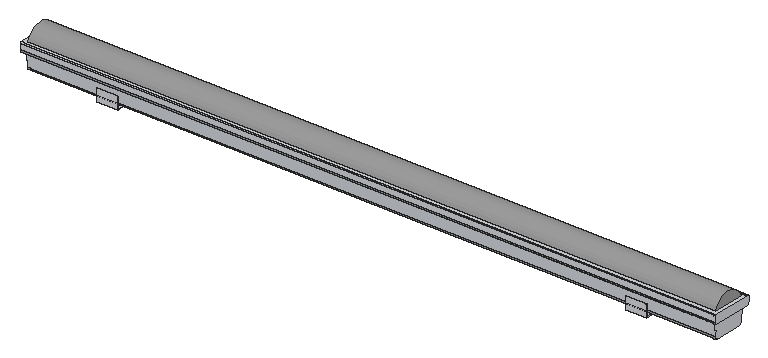
Revit family "Resisto", category Lighting Fixtures, host Face, Revit 2017
Family settings
  Host = Face
  Round Connector Dimension = Use Diameter
  Part Type = Normal
  OmniClass Number = 23.80.70.00
  OmniClass Title = Lighting
  Cut with Voids When Loaded = No
  Light Source = Yes
  Shared = No
  Room Calculation Point = No
Parameters (values of type "0010278 RESISTO 1500 HE IP66 8300LM 840")
  Weight = "1.95 kg"
  Wattage Comments = ""
  Wattage = 54 W
  WarrantyStartDate [instance] = "n/a"
  WarrantyGuarantorParts = "n/a"
  WarrantyDurationUnit = "n/a"
  WarrantyDurationParts = "n/a"
  WarrantyDescription = "n/a"
  WIDTH_SYL = 44.5 mm
  built-in parameter 1150110 = 1 (stored number, unit not read)
  Voltage = 0 V
  URL = "http://www.sylvania-lighting.com"
  TypeName = "Resisto 1500 HE IP66 8300lm 840"
  Type Image = <None>
  Type Comments = "n/a"
  built-in parameter 1114217 = 1 (stored number, unit not read)
  Tilt Angle = -90.00°
  built-in parameter 1150109 = 1 (stored number, unit not read)
  built-in parameter 1150134 = 12
  TOP_WIDTH_SYL = 33.5 mm
  built-in parameter 1150113 = 1 (stored number, unit not read)
  SerialNumber [instance] = "n/a"
  Photometric Web File = "0010278.ies"
  Material_3_SYL = none
  PowerFactor = 0.95
  PowerConsumption = "54 W"
  NominalLength = 1500 mm
  NominalHeight = 80 mm
  NominalDepth = 87 mm
  Name = "Resisto 1500 HE IP66 8300lm 840"
  ModelReference = Name  # "Resisto 1500 HE IP66 8300lm 840"
  ModelNumber = "0010278"
  Model = Name  # "Resisto 1500 HE IP66 8300lm 840"
  Material = "pc polycarbonate housing, pc polycarbonate diffuser"
  ManufacturerName = "Feilo Sylvania"
  Manufacturer = "Feilo Sylvania"
  MID_WIDTH_SYL = 36 mm
  LuminousEfficacy = "154 lm/W"
  built-in parameter 1150105 = 2674.3 (stored number, unit not read)
  Lumens = 8316 lm
  LuminaireType = ""
  built-in parameter 1150115 = 1 (stored number, unit not read)
  LightOutputRatio = "n/a"
  built-in parameter 1150137 = (empty or 0)
  built-in parameter 1150139 = (empty or 0)
  LampsType = Lamp  # "LED"
  LampNominalLuminous = "8300 lm"
  LampMacAdamStep = "3"
  LampColourTemperature = "4000 K"
  LampColourRenderingIndex = "80"
  built-in parameter 1150112 = 1 (stored number, unit not read)
  built-in parameter 1150114 = 1 (stored number, unit not read)
  Lamp = "LED"
  LENGHT_SYL = if(L1500_SYL, 742 mm, if(L1200_SYL, 592 mm, 317 mm))  # 742 mm
  LENGHT_CHAMFER_SYL = if(L1500_SYL, 750 mm, if(L1200_SYL, 600 mm, 325 mm))  # 750 mm
  LENGHT_650_SYL = 325 mm
  LENGHT-_SYL = if(L1500_SYL, -742 mm, if(L1200_SYL, -592 mm, -317 mm))  # -742 mm
  LENGHT-_CHAMFER_SYL = if(L1500_SYL, -750 mm, if(L1200_SYL, -600 mm, -325 mm))  # -750 mm
  LEGHT_650-_SYL = -325 mm
  LEGHT_1500_SYL = 750 mm
  LEGHT_1500-_SYL = -750 mm
  LEGHT_1200_SYL = 600 mm
  LEGHT_1200-_SYL = -600 mm
  L0650_SYL = no
  L1500_SYL = yes
  L1200_SYL = no
  Keynote = "16500"
  InstallationDate [instance] = "n/a"
  InputVoltage = "n/a"
  InputNominalFrequency = "n/a"
  built-in parameter 1150132 = (empty or 0)
  built-in parameter 1150102 = (empty or 0)
  built-in parameter 1150107 = 4000 (stored number, unit not read)
  built-in parameter 1150138 = (empty or 0)
  IngressProtection = "IP66"
  ImpactProtectionIndex = "IK08"
  built-in parameter 1150106 = 26.743 (stored number, unit not read)
  IfcExportType = "IfcLightFixtureType"
  IfcExportAs = "IfcLightFixtureType"
  Emit from Circle Diameter = 609.6 mm
  Emit Shape Visible in Rendering = no
  ElectricShockClassification = "Class I"
  built-in parameter 1150104 = 14.307 (stored number, unit not read)
  DocumentationLiterature = "http://www.sylvania-lighting.com/product/en-int/products/0010278"
  DimmingControlOptions = "n/a"
  Material_2_SYL = none
  Dimming Lamp Color Temperature Shift = <None>
  Description = "Resisto, integrated LED weatherproof luminaire, with UV stabilized flat diffuser designed to achieve uniform lit appearance, optimise light output and to reduce glare. 301 stainless steel diffuser clips and fixing brackets for surface mounting. Polycarbonate housing and diffuser - no yellow discolouration over time. 8300lm; 54W; 154lm/W; 4000K; SDCM<3; non dimmable; CRI80; IP66; IK08; Class I; 69,000hrs (L80B20) lifespan; 1500mm x 89mm x 88mm; D-mark."
  Default Elevation = 1219.2 mm
  DIF_WIDHT_SYL = 35 mm
  DIF_HEIGHT_SYL = 24 mm
  CreatedOn = "3/10/2021"
  CreatedBy = "@sylvania-lighting.com"
  Cost = 0
  Color Filter = 16777215
  built-in parameter 1114216 [instance] = (empty or 0)
  ClassificationValue = "EF_70_80"
  ClassificationName = "Uniclass2015"
  Material_1_SYL = Default
  CHAMFER_SYL = 19 mm
  BarCode [instance] = "n/a"
  built-in parameter 1114218 = 1 (stored number, unit not read)
  BRACKET_WIDTH_SYL = BRACKET_DIST_SYL - 44 mm  # 550 mm
  BRACKET_HEIGHT_SYL = 9 mm
  BRACKET_DIST_SYL = LENGHT_CHAMFER_SYL - 156 mm  # 594 mm
  BODY_SYL = 36 mm
  built-in parameter 1150133 = 10 (stored number, unit not read)
  AssetType = "Fixed"
  AssetIdentifier [instance] = "n/a"
  Assembly Code = "D5020200"
  Apparent Load = 54 VA
  Material_4_SYL = none
Reference planes
  plane 1 "Center (Front/Back)": y = 0
  plane 2: z = 0
  plane 3 "Center (Left/Right)": x = 0
  plane 4: z = 9
  plane 5: z = 45
  plane 6: z = 64
  plane 7: z = 88
  plane 8: y = -44.5
  plane 9: y = 44.5
  plane 10: y = -35
  plane 11: y = 35
  plane 12: y = 33.5
  plane 13: y = -33.5
  plane 14: y = -36
  plane 15: y = 36
  plane 16: z = 1
Forms (mm)
  Extrusion 1, solid
    sketch origin (319, 1524, 1219.2) x (0, 1, 0) y (0, 0, 1)
      loop
        line (-1552.835, -1210.2) -> (-1495.165, -1210.2)
        arc (-1495.165, -1210.2) -> (-1491.754, -1208.856) -> (-1490.177, -1205.546) r 5
        line (-1490.177, -1205.546) -> (-1488.323, -1178.854) -> (-1488, -1174.2) -> (-1560, -1174.2) -> (-1559.677, -1178.854) -> (-1557.823, -1205.546)
        arc (-1557.823, -1205.546) -> (-1556.246, -1208.856) -> (-1552.835, -1210.2) r 5
    from -742 <- "LENGHT-_SYL" to 742 <- "LENGHT_SYL"
  Extrusion 2, solid, material "Default" <- "Material_1_SYL"
    sketch origin (319, 1524, 1219.2) x (0, 1, 0) y (0, 0, 1)
      loop
        arc (-1490.5, -1155.2) -> (-1524, -1131.2) -> (-1557.5, -1155.2) r 35.38
        line (-1557.5, -1155.2) -> (-1490.5, -1155.2)
    from -742 <- "LENGHT-_SYL" to 742 <- "LENGHT_SYL"
  Extrusion 3, solid
    sketch origin (319, 1524, 1219.2) x (0, 1, 0) y (0, 0, 1)
      loop
        line (-1481.5, -1155.2) -> (-1566.5, -1155.2)
        arc (-1566.5, -1155.2) -> (-1567.914, -1155.786) -> (-1568.5, -1157.2) r 2
        line (-1568.5, -1157.2) -> (-1568.5, -1169.2)
        arc (-1568.5, -1169.2) -> (-1567.036, -1172.736) -> (-1563.5, -1174.2) r 5
        line (-1563.5, -1174.2) -> (-1484.5, -1174.2)
        arc (-1484.5, -1174.2) -> (-1480.964, -1172.736) -> (-1479.5, -1169.2) r 5
        line (-1479.5, -1169.2) -> (-1479.5, -1157.2)
        arc (-1479.5, -1157.2) -> (-1480.086, -1155.786) -> (-1481.5, -1155.2) r 2
    from -750 <- "LENGHT-_CHAMFER_SYL" to 750 <- "LENGHT_CHAMFER_SYL"
  Extrusion 4, solid
    sketch origin (319, 1524, 1219.2) x (0, 1, 0) y (0, 0, 1)
      loop
        line (-1489, -1219.2) -> (-1489, -1192.216) -> (-1490.5, -1192.216) -> (-1490.5, -1218.2) -> (-1557.5, -1218.2) -> (-1557.5, -1192.172) -> (-1559, -1192.172) -> (-1559, -1219.2) -> (-1489, -1219.2)
    from 550 <- "BRACKET_WIDTH_SYL" to 594 <- "BRACKET_DIST_SYL"
  Extrusion 5, solid
    sketch origin (321, 1524, 1219.2) x (0, 1, 0) y (0, 0, -1)
      loop
        line (-1489, 1219.2) -> (-1559, 1219.2) -> (-1559, 1192.172) -> (-1557.5, 1192.172) -> (-1557.5, 1218.2) -> (-1490.5, 1218.2) -> (-1490.5, 1192.216) -> (-1489, 1192.216) -> (-1489, 1219.2)
    from 550 <- "BRACKET_WIDTH_SYL" to 594 <- "BRACKET_DIST_SYL"
Dimensions and locks
  "BRACKET_HEIGHT_SYL": plane 4 to host face
  "BODY_SYL": plane 4 to plane 5
  "CHAMFER_SYL": plane 5 to plane 6
  "DIF_HEIGHT_SYL": plane 6 to plane 7
  "WIDTH_SYL": plane 9 to plane 1 "Center (Front/Back)" to plane 8
  "DIF_WIDHT_SYL": plane 11 to plane 1 "Center (Front/Back)" to plane 10
  "TOP_WIDTH_SYL": plane 12 to plane 1 "Center (Front/Back)" to plane 13
  "MID_WIDTH_SYL": plane 15 to plane 1 "Center (Front/Back)" to plane 14
  aligned and locked: plane 2 to host face
  aligned and locked: level to host face
  aligned and locked: Extrusion 3 sketch curve to plane 6
  aligned and locked: Extrusion 3 sketch curve to plane 9
  aligned and locked: plane 5 to Extrusion 3 sketch curve
  aligned and locked: plane 8 to Extrusion 3 sketch curve
Automatic sketch dimensions
  host sketch curve to host sketch curve = 2438.4 mm  (x2)
  plane 5 to Extrusion 1 sketch curve = 0 mm
  Extrusion 1 sketch curve to plane 14 = 0 mm
  plane 4 to Extrusion 1 sketch curve = 0 mm
  Extrusion 1 sketch curve to plane 15 = 0 mm
  Extrusion 1 sketch curve to plane 14 = 0.323 mm
  plane 13 to Extrusion 1 sketch curve = 0.323 mm
  Extrusion 1 sketch curve to plane 13 = 4.665 mm
  plane 12 to Extrusion 1 sketch curve = 4.665 mm
  Extrusion 1 sketch curve to plane 12 = 0.323 mm
  plane 15 to Extrusion 1 sketch curve = 0.323 mm
  Extrusion 1 sketch curve to plane 4 = 4.654 mm  (x2)
  plane 5 to Extrusion 1 sketch curve = 4.654 mm  (x2)
  plane 6 to Extrusion 2 sketch curve = 0 mm
  Extrusion 2 sketch curve to plane 13 = 0 mm
  Extrusion 2 sketch curve to plane 1 "Center (Front/Back)" = 0 mm
  Extrusion 2 sketch curve to plane 5 = 7.62 mm
  Extrusion 3 sketch curve to plane 8 = 2 mm
  plane 14 to Extrusion 3 sketch curve = 3.5 mm
  Extrusion 3 sketch curve to plane 15 = 3.5 mm
  plane 6 to Extrusion 3 sketch curve = 2 mm
  Extrusion 4 sketch curve to level = 0 mm
  Extrusion 4 sketch curve to plane 10 = 0 mm
  Extrusion 4 sketch curve to plane 13 = 0 mm
  Extrusion 4 sketch curve to plane 12 = 0 mm
  Extrusion 4 sketch curve to plane 11 = 0 mm
  plane 16 to Extrusion 4 sketch curve = 0 mm
  Extrusion 4 sketch curve to plane 4 = 17.984 mm
  plane 5 to Extrusion 4 sketch curve = 17.972 mm
  Extrusion 5 sketch curve to level = 0 mm
  Extrusion 5 sketch curve to plane 10 = 0 mm
  Extrusion 5 sketch curve to plane 13 = 0 mm
  Extrusion 5 sketch curve to plane 12 = 0 mm
  Extrusion 5 sketch curve to plane 11 = 0 mm
  plane 16 to Extrusion 5 sketch curve = 0 mm
  Extrusion 5 sketch curve to plane 4 = 17.984 mm
  plane 5 to Extrusion 5 sketch curve = 17.972 mm
Connectors
  electrical at (-423, 0, 27)
    settings: on Extrusion 1, index 1, voltage 0 V, apparent load 0 VA, apparent load phase1 0 VA, apparent load phase2 0 VA, apparent load phase3 0 VA, power factor 1, load classification "Other", number of poles 1, system type 31, power factor state 1, is connector primary yes, connector utility no, sub classification motor no, connector description ""
Types (60, lengths in mm): name | Weight | Wattage | TypeName | built-in parameter 1150134 | Photometric Web File | PowerFactor | PowerConsumption | NominalLength | Name | ModelReference | ModelNumber | Model | LuminousEfficacy | built-in parameter 1150105 | Lumens | LampNominalLuminous | LampMacAdamStep | LampColourTemperature | LENGHT_SYL | LENGHT_CHAMFER_SYL | LENGHT-_SYL | LENGHT-_CHAMFER_SYL | L0650_SYL | L1500_SYL | L1200_SYL | built-in parameter 1150107 | built-in parameter 1150106 | built-in parameter 1150104 | DocumentationLiterature | Description | BRACKET_WIDTH_SYL | BRACKET_DIST_SYL | Apparent Load
  0010278 RESISTO 1500 HE IP66 8300LM 840 | "1.95 kg" | 54 W | "Resisto 1500 HE IP66 8300lm 840" | 12 | "0010278.ies" | 0.95 | "54 W" | 1500 | "Resisto 1500 HE IP66 8300lm 840" | "Resisto 1500 HE IP66 8300lm 840" | "0010278" | "Resisto 1500 HE IP66 8300lm 840" | "154 lm/W" | 2674.3 (stored number, unit not read) | 8316 lm | "8300 lm" | "3" | "4000 K" | 742 | 750 | -742 | -750 | no | yes | no | 4000 (stored number, unit not read) | 26.743 (stored number, unit not read) | 14.307 (stored number, unit not read) | "http://www.sylvania-lighting.com/product/en-int/products/0010278" | "Resisto, integrated LED weatherproof luminaire, with UV stabilized flat diffuser designed to achieve uniform lit appearance, optimise light output and to reduce glare. 301 stainless steel diffuser clips and fixing brackets for surface mounting. Polycarbonate housing and diffuser - no yellow discolouration over time. 8300lm; 54W; 154lm/W; 4000K; SDCM<3; non dimmable; CRI80; IP66; IK08; Class I; 69,000hrs (L80B20) lifespan; 1500mm x 89mm x 88mm; D-mark." | 550 | 594 | 54 VA
  0010274 RESISTO 1500 HE IP66 DALI 7100LM 840 | "2.01 kg" | 46 W | "Resisto 1500 HE IP66 DALI 7100lm 840" | 12 | "0010274.ies" | 0.98 | "46 W" | 1500 | "Resisto 1500 HE IP66 DALI 7100lm 840" | "Resisto 1500 HE IP66 DALI 7100lm 840" | "0010274" | "Resisto 1500 HE IP66 DALI 7100lm 840" | "154 lm/W" | 2362.2 (stored number, unit not read) | 7084 lm | "7100 lm" | "3" | "4000 K" | 742 | 750 | -742 | -750 | no | yes | no | 4000 (stored number, unit not read) | 23.622 (stored number, unit not read) | 14.307 (stored number, unit not read) | "http://www.sylvania-lighting.com/product/en-int/products/0010274" | "Resisto, integrated LED weatherproof luminaire, with UV stabilized flat diffuser designed to achieve uniform lit appearance, optimise light output and to reduce glare. 301 stainless steel diffuser clips and fixing brackets for surface mounting. Polycarbonate housing and diffuser - no yellow discolouration over time. 7100lm; 46W; 154lm/W; 4000K; SDCM<3; DALI dimmable; CRI80; IP66; IK08; Class I; 69,000hrs (L80B20) lifespan; 1500mm x 89mm x 88mm; D-mark." | 550 | 594 | 46 VA
  0010273 RESISTO 1500 HE IP66 DALI 4000LM 840 | "1.95 kg" | 25 W | "Resisto 1500 HE IP66 DALI 4000lm 840" | 12 | "0010273.ies" | 0.98 | "25 W" | 1500 | "Resisto 1500 HE IP66 DALI 4000lm 840" | "Resisto 1500 HE IP66 DALI 4000lm 840" | "0010273" | "Resisto 1500 HE IP66 DALI 4000lm 840" | "160 lm/W" | 1286.3 (stored number, unit not read) | 4000 lm | "4000 lm" | "3" | "4000 K" | 742 | 750 | -742 | -750 | no | yes | no | 4000 (stored number, unit not read) | 12.863 (stored number, unit not read) | 14.864 (stored number, unit not read) | "http://www.sylvania-lighting.com/product/en-int/products/0010273" | "Resisto, integrated LED weatherproof luminaire, with UV stabilized flat diffuser designed to achieve uniform lit appearance, optimise light output and to reduce glare. 301 stainless steel diffuser clips and fixing brackets for surface mounting. Polycarbonate housing and diffuser - no yellow discolouration over time. 4000lm; 25W; 160lm/W; 4000K; SDCM<3; DALI dimmable; CRI80; IP66; IK08; Class I; 69,000hrs (L80B20) lifespan; 1500mm x 89mm x 88mm; D-mark." | 550 | 594 | 25 VA
  0010272 RESISTO 1500 HE IP66 7100LM 840 EM | "2.58 kg" | 50 W | "Resisto 1500 HE IP66 7100lm 840 EM" | 12 | "0010272.ies" | 0.95 | "50 W" | 1500 | "Resisto 1500 HE IP66 7100lm 840 EM" | "Resisto 1500 HE IP66 7100lm 840 EM" | "0010272" | "Resisto 1500 HE IP66 7100lm 840 EM" | "142 lm/W" | 2367.5 (stored number, unit not read) | 7100 lm | "7100 lm" | "3" | "4000 K" | 742 | 750 | -742 | -750 | no | yes | no | 4000 (stored number, unit not read) | 23.675 (stored number, unit not read) | 13.192 (stored number, unit not read) | "http://www.sylvania-lighting.com/product/en-int/products/0010272" | "Resisto, integrated LED weatherproof luminaire, with UV stabilized flat diffuser designed to achieve uniform lit appearance, optimise light output and to reduce glare. 301 stainless steel diffuser clips and fixing brackets for surface mounting. Polycarbonate housing and diffuser - no yellow discolouration over time. 7100lm; 50W; 142lm/W; 4000K; SDCM<3; non dimmable; CRI80; IP66; IK08; Class I; 69,000hrs (L80B20) lifespan; 1500mm x 89mm x 88mm; D-mark; 3-hour maintained emergency batteries." | 550 | 594 | 50 VA
  0010271 RESISTO 1500 HE IP66 4000LM 840 EM | "2.51 kg" | 29 W | "Resisto 1500 HE IP66 4000lm 840 EM" | 12 | "0010271.ies" | 0.95 | "29 W" | 1500 | "Resisto 1500 HE IP66 4000lm 840 EM" | "Resisto 1500 HE IP66 4000lm 840 EM" | "0010271" | "Resisto 1500 HE IP66 4000lm 840 EM" | "138 lm/W" | 1287 (stored number, unit not read) | 4002 lm | "4000 lm" | "3" | "4000 K" | 742 | 750 | -742 | -750 | no | yes | no | 4000 (stored number, unit not read) | 12.87 (stored number, unit not read) | 12.821 (stored number, unit not read) | "http://www.sylvania-lighting.com/product/en-int/products/0010271" | "Resisto, integrated LED weatherproof luminaire, with UV stabilized flat diffuser designed to achieve uniform lit appearance, optimise light output and to reduce glare. 301 stainless steel diffuser clips and fixing brackets for surface mounting. Polycarbonate housing and diffuser - no yellow discolouration over time. 4000lm; 29W; 138lm/W; 4000K; SDCM<3; non dimmable; CRI80; IP66; IK08; Class I; 69,000hrs (L80B20) lifespan; 1500mm x 89mm x 88mm; D-mark; 3-hour maintained emergency batteries." | 550 | 594 | 29 VA
  0010269 RESISTO 1500 HE IP66 7100LM 840 | "1.95 kg" | 46 W | "Resisto  1500 HE IP66 7100lm 840" | 12 | "0010269.ies" | 0.95 | "46 W" | 1500 | "Resisto  1500 HE IP66 7100lm 840" | "Resisto  1500 HE IP66 7100lm 840" | "0010269" | "Resisto  1500 HE IP66 7100lm 840" | "154 lm/W" | 2362.2 (stored number, unit not read) | 7084 lm | "7100 lm" | "3" | "4000 K" | 742 | 750 | -742 | -750 | no | yes | no | 4000 (stored number, unit not read) | 23.622 (stored number, unit not read) | 14.307 (stored number, unit not read) | "http://www.sylvania-lighting.com/product/en-int/products/0010269" | "Resisto, integrated LED weatherproof luminaire, with UV stabilized flat diffuser designed to achieve uniform lit appearance, optimise light output and to reduce glare. 301 stainless steel diffuser clips and fixing brackets for surface mounting. Polycarbonate housing and diffuser - no yellow discolouration over time. 7100lm; 46W; 154lm/W; 4000K; SDCM<3; non dimmable; CRI80; IP66; IK08; Class I; 69,000hrs (L80B20) lifespan; 1500mm x 89mm x 88mm; D-mark." | 550 | 594 | 46 VA
  0010268 RESISTO 1500 HE IP66 4000LM 840 | "1.87 kg" | 25 W | "Resisto  1500 HE IP66 4000lm 840" | 12 | "0010268.ies" | 0.95 | "25 W" | 1500 | "Resisto  1500 HE IP66 4000lm 840" | "Resisto  1500 HE IP66 4000lm 840" | "0010268" | "Resisto  1500 HE IP66 4000lm 840" | "160 lm/W" | 1286.3 (stored number, unit not read) | 4000 lm | "4000 lm" | "3" | "4000 K" | 742 | 750 | -742 | -750 | no | yes | no | 4000 (stored number, unit not read) | 12.863 (stored number, unit not read) | 14.864 (stored number, unit not read) | "http://www.sylvania-lighting.com/product/en-int/products/0010268" | "Resisto, integrated LED weatherproof luminaire, with UV stabilized flat diffuser designed to achieve uniform lit appearance, optimise light output and to reduce glare. 301 stainless steel diffuser clips and fixing brackets for surface mounting. Polycarbonate housing and diffuser - no yellow discolouration over time. 4000lm; 25W; 160lm/W; 4000K; SDCM<3; non dimmable; CRI80; IP66; IK08; Class I; 69,000hrs (L80B20) lifespan; 1500mm x 89mm x 88mm; D-mark." | 550 | 594 | 25 VA
  0010261 RESISTO 1500 IP66 DALI 8300LM 840 | "2.01 kg" | 61 W | "Resisto  1500 IP66 DALI 8300lm 840" | 12 | "0010261.ies" | 0.99 | "61 W" | 1500 | "Resisto  1500 IP66 DALI 8300lm 840" | "Resisto  1500 IP66 DALI 8300lm 840" | "0010261" | "Resisto  1500 IP66 DALI 8300lm 840" | "136 lm/W" | 2792.8 (stored number, unit not read) | 8296 lm | "8300 lm" | "5" | "4000 K" | 742 | 750 | -742 | -750 | no | yes | no | 4000 (stored number, unit not read) | 27.928 (stored number, unit not read) | 12.635 (stored number, unit not read) | "http://www.sylvania-lighting.com/product/en-int/products/0010261" | "Resisto, integrated LED weatherproof luminaire, with UV stabilized flat diffuser designed to achieve uniform lit appearance, optimise light output and to reduce glare. 301 stainless steel diffuser clips and fixing brackets for surface mounting. Polycarbonate housing and diffuser - no yellow discolouration over time. 8300lm; 61W; 136lm/W; 4000K; SDCM<5; DALI dimmable; CRI80; IP66; IK08; Class I; 69,000hrs (L80B20) lifespan; 1500mm x 89mm x 88mm; D-mark." | 550 | 594 | 61 VA
  0010260 RESISTO 1500 IP66 DALI 7100LM 840 | "2.01 kg" | 52 W | "Resisto  1500 IP66 DALI 7100lm 840" | 12 | "0010260.ies" | 0.99 | "52 W" | 1500 | "Resisto  1500 IP66 DALI 7100lm 840" | "Resisto  1500 IP66 DALI 7100lm 840" | "0010260" | "Resisto  1500 IP66 DALI 7100lm 840" | "137 lm/W" | 2375.5 (stored number, unit not read) | 7124 lm | "7100 lm" | "5" | "4000 K" | 742 | 750 | -742 | -750 | no | yes | no | 4000 (stored number, unit not read) | 23.755 (stored number, unit not read) | 12.728 (stored number, unit not read) | "http://www.sylvania-lighting.com/product/en-int/products/0010260" | "Resisto, integrated LED weatherproof luminaire, with UV stabilized flat diffuser designed to achieve uniform lit appearance, optimise light output and to reduce glare. 301 stainless steel diffuser clips and fixing brackets for surface mounting. Polycarbonate housing and diffuser - no yellow discolouration over time. 7100lm; 52W; 137lm/W; 4000K; SDCM<5; DALI dimmable; CRI80; IP66; IK08; Class I; 69,000hrs (L80B20) lifespan; 1500mm x 89mm x 88mm; D-mark." | 550 | 594 | 52 VA
  0010259 RESISTO 1500 IP66 DALI 4000LM 840 | "1.95 kg" | 30 W | "Resisto  1500 IP66 DALI 4000lm 840" | 12 | "0010259.ies" | 0.98 | "30 W" | 1500 | "Resisto  1500 IP66 DALI 4000lm 840" | "Resisto  1500 IP66 DALI 4000lm 840" | "0010259" | "Resisto  1500 IP66 DALI 4000lm 840" | "133 lm/W" | 1283.1 (stored number, unit not read) | 3990 lm | "4000 lm" | "5" | "4000 K" | 742 | 750 | -742 | -750 | no | yes | no | 4000 (stored number, unit not read) | 12.831 (stored number, unit not read) | 12.356 (stored number, unit not read) | "http://www.sylvania-lighting.com/product/en-int/products/0010259" | "Resisto, integrated LED weatherproof luminaire, with UV stabilized flat diffuser designed to achieve uniform lit appearance, optimise light output and to reduce glare. 301 stainless steel diffuser clips and fixing brackets for surface mounting. Polycarbonate housing and diffuser - no yellow discolouration over time. 4000lm; 30W; 133lm/W; 4000K; SDCM<5; DALI dimmable; CRI80; IP66; IK08; Class I; 69,000hrs (L80B20) lifespan; 1500mm x 89mm x 88mm; D-mark." | 550 | 594 | 30 VA
  0010258 RESISTO 1500 IP66 MWCOR 7100LM 840 | "2.06 kg" | 52 W | "Resisto  1500 IP66 MWcor 7100lm 840" | 12 | "0010258.ies" | 0.99 | "52 W" | 1500 | "Resisto  1500 IP66 MWcor 7100lm 840" | "Resisto  1500 IP66 MWcor 7100lm 840" | "0010258" | "Resisto  1500 IP66 MWcor 7100lm 840" | "137 lm/W" | 2375.5 (stored number, unit not read) | 7124 lm | "7100 lm" | "5" | "4000 K" | 742 | 750 | -742 | -750 | no | yes | no | 4000 (stored number, unit not read) | 23.755 (stored number, unit not read) | 12.728 (stored number, unit not read) | "http://www.sylvania-lighting.com/product/en-int/products/0010258" | "Resisto, integrated LED weatherproof luminaire, with UV stabilized flat diffuser designed to achieve uniform lit appearance, optimise light output and to reduce glare. 301 stainless steel diffuser clips and fixing brackets for surface mounting. Polycarbonate housing and diffuser - no yellow discolouration over time. 7100lm; 52W; 137lm/W; 4000K; SDCM<5; non dimmable; CRI80; IP66; IK08; Class I; 69,000hrs (L80B20) lifespan; 1500mm x 89mm x 88mm; D-mark; corridor function with microwave presence sensor." | 550 | 594 | 52 VA
  0010257 RESISTO 1500 IP66 MWCOR 4000LM 840 | "2.0 kg" | 30 W | "Resisto  1500 IP66 MWcor 4000lm 840" | 12 | "0010257.ies" | 0.98 | "30 W" | 1500 | "Resisto  1500 IP66 MWcor 4000lm 840" | "Resisto  1500 IP66 MWcor 4000lm 840" | "0010257" | "Resisto  1500 IP66 MWcor 4000lm 840" | "133 lm/W" | 1283.1 (stored number, unit not read) | 3990 lm | "4000 lm" | "5" | "4000 K" | 742 | 750 | -742 | -750 | no | yes | no | 4000 (stored number, unit not read) | 12.831 (stored number, unit not read) | 12.356 (stored number, unit not read) | "http://www.sylvania-lighting.com/product/en-int/products/0010257" | "Resisto, integrated LED weatherproof luminaire, with UV stabilized flat diffuser designed to achieve uniform lit appearance, optimise light output and to reduce glare. 301 stainless steel diffuser clips and fixing brackets for surface mounting. Polycarbonate housing and diffuser - no yellow discolouration over time. 4000lm; 30W; 133lm/W; 4000K; SDCM<5; non dimmable; CRI80; IP66; IK08; Class I; 69,000hrs (L80B20) lifespan; 1500mm x 89mm x 88mm; D-mark; corridor function with microwave presence sensor." | 550 | 594 | 30 VA
  0010256 RESISTO 1500 IP66 MW 7100LM 840 | "2.0 kg" | 52 W | "Resisto  1500 IP66 MW 7100lm 840" | 12 | "0010256.ies" | 0.95 | "52 W" | 1500 | "Resisto  1500 IP66 MW 7100lm 840" | "Resisto  1500 IP66 MW 7100lm 840" | "0010256" | "Resisto  1500 IP66 MW 7100lm 840" | "137 lm/W" | 2375.5 (stored number, unit not read) | 7124 lm | "7100 lm" | "5" | "4000 K" | 742 | 750 | -742 | -750 | no | yes | no | 4000 (stored number, unit not read) | 23.755 (stored number, unit not read) | 12.728 (stored number, unit not read) | "http://www.sylvania-lighting.com/product/en-int/products/0010256" | "Resisto, integrated LED weatherproof luminaire, with UV stabilized flat diffuser designed to achieve uniform lit appearance, optimise light output and to reduce glare. 301 stainless steel diffuser clips and fixing brackets for surface mounting. Polycarbonate housing and diffuser - no yellow discolouration over time. 7100lm; 52W; 137lm/W; 4000K; SDCM<5; non dimmable; CRI80; IP66; IK08; Class I; 69,000hrs (L80B20) lifespan; 1500mm x 89mm x 88mm; D-mark; MW On/Off." | 550 | 594 | 52 VA
  0010255 RESISTO 1500 IP66 MW 4000LM 840 | "1.92 kg" | 30 W | "Resisto  1500 IP66 MW 4000lm 840" | 12 | "0010255.ies" | 0.95 | "30 W" | 1500 | "Resisto  1500 IP66 MW 4000lm 840" | "Resisto  1500 IP66 MW 4000lm 840" | "0010255" | "Resisto  1500 IP66 MW 4000lm 840" | "133 lm/W" | 1283.1 (stored number, unit not read) | 3990 lm | "4000 lm" | "5" | "4000 K" | 742 | 750 | -742 | -750 | no | yes | no | 4000 (stored number, unit not read) | 12.831 (stored number, unit not read) | 12.356 (stored number, unit not read) | "http://www.sylvania-lighting.com/product/en-int/products/0010255" | "Resisto, integrated LED weatherproof luminaire, with UV stabilized flat diffuser designed to achieve uniform lit appearance, optimise light output and to reduce glare. 301 stainless steel diffuser clips and fixing brackets for surface mounting. Polycarbonate housing and diffuser - no yellow discolouration over time. 4000lm; 30W; 133lm/W; 4000K; SDCM<5; non dimmable; CRI80; IP66; IK08; Class I; 69,000hrs (L80B20) lifespan; 1500mm x 89mm x 88mm; D-mark; MW On/Off." | 550 | 594 | 30 VA
  0010254 RESISTO 1500 IP66 7100LM 840 EM | "2.59 kg" | 56 W | "Resisto  1500 IP66 7100lm 840 EM" | 12 | "0010254.ies" | 0.95 | "56 W" | 1500 | "Resisto  1500 IP66 7100lm 840 EM" | "Resisto  1500 IP66 7100lm 840 EM" | "0010254" | "Resisto  1500 IP66 7100lm 840 EM" | "127 lm/W" | 2371.5 (stored number, unit not read) | 7112 lm | "7100 lm" | "5" | "4000 K" | 742 | 750 | -742 | -750 | no | yes | no | 4000 (stored number, unit not read) | 23.715 (stored number, unit not read) | 11.799 (stored number, unit not read) | "http://www.sylvania-lighting.com/product/en-int/products/0010254" | "Resisto, integrated LED weatherproof luminaire, with UV stabilized flat diffuser designed to achieve uniform lit appearance, optimise light output and to reduce glare. 301 stainless steel diffuser clips and fixing brackets for surface mounting. Polycarbonate housing and diffuser - no yellow discolouration over time. 7100lm; 56W; 127lm/W; 4000K; SDCM<5; non dimmable; CRI80; IP66; IK08; Class I; 69,000hrs (L80B20) lifespan; 1500mm x 89mm x 88mm; D-mark; 3-hour maintained emergency batteries." | 550 | 594 | 56 VA
  0010253 RESISTO 1500 IP66 4000LM 840 EM | "2.5 kg" | 34 W | "Resisto  1500 IP66 4000lm 840 EM" | 12 | "0010253.ies" | 0.95 | "34 W" | 1500 | "Resisto  1500 IP66 4000lm 840 EM" | "Resisto  1500 IP66 4000lm 840 EM" | "0010253" | "Resisto  1500 IP66 4000lm 840 EM" | "118 lm/W" | 1290.2 (stored number, unit not read) | 4012 lm | "4000 lm" | "5" | "4000 K" | 742 | 750 | -742 | -750 | no | yes | no | 4000 (stored number, unit not read) | 12.902 (stored number, unit not read) | 10.963 (stored number, unit not read) | "http://www.sylvania-lighting.com/product/en-int/products/0010253" | "Resisto, integrated LED weatherproof luminaire, with UV stabilized flat diffuser designed to achieve uniform lit appearance, optimise light output and to reduce glare. 301 stainless steel diffuser clips and fixing brackets for surface mounting. Polycarbonate housing and diffuser - no yellow discolouration over time. 4000lm; 34W; 118lm/W; 4000K; SDCM<5; non dimmable; CRI80; IP66; IK08; Class I; 69,000hrs (L80B20) lifespan; 1500mm x 89mm x 88mm; D-mark; 3-hour maintained emergency batteries." | 550 | 594 | 34 VA
  0010252 RESISTO 1500 IP66 7100LM 840 5XTH | "2.18 kg" | 52 W | "Resisto 1500 IP66 7100lm 840 5xTH" | 12 | "0010252.ies" | 0.95 | "52 W" | 1500 | "Resisto 1500 IP66 7100lm 840 5xTH" | "Resisto 1500 IP66 7100lm 840 5xTH" | "0010252" | "Resisto 1500 IP66 7100lm 840 5xTH" | "137 lm/W" | 2375.5 (stored number, unit not read) | 7124 lm | "7100 lm" | "5" | "4000 K" | 742 | 750 | -742 | -750 | no | yes | no | 4000 (stored number, unit not read) | 23.755 (stored number, unit not read) | 12.728 (stored number, unit not read) | "http://www.sylvania-lighting.com/product/en-int/products/0010252" | "Resisto, integrated LED weatherproof luminaire, with UV stabilized flat diffuser designed to achieve uniform lit appearance, optimise light output and to reduce glare. 301 stainless steel diffuser clips and fixing brackets for surface mounting. Polycarbonate housing and diffuser - no yellow discolouration over time. 7100lm; 52W; 137lm/W; 4000K; SDCM<5; non dimmable; CRI80; IP66; IK08; Class I; 69,000hrs (L80B20) lifespan; 1500mm x 89mm x 88mm; D-mark; through wiring." | 550 | 594 | 52 VA
  0010251 RESISTO 1500 IP66 4000LM 840 5XTH | "2.1 kg" | 30 W | "Resisto 1500 IP66 4000lm 840 5xTH" | 12 | "0010251.ies" | 0.95 | "30 W" | 1500 | "Resisto 1500 IP66 4000lm 840 5xTH" | "Resisto 1500 IP66 4000lm 840 5xTH" | "0010251" | "Resisto 1500 IP66 4000lm 840 5xTH" | "133 lm/W" | 1283.1 (stored number, unit not read) | 3990 lm | "4000 lm" | "5" | "4000 K" | 742 | 750 | -742 | -750 | no | yes | no | 4000 (stored number, unit not read) | 12.831 (stored number, unit not read) | 12.356 (stored number, unit not read) | "http://www.sylvania-lighting.com/product/en-int/products/0010251" | "Resisto, integrated LED weatherproof luminaire, with UV stabilized flat diffuser designed to achieve uniform lit appearance, optimise light output and to reduce glare. 301 stainless steel diffuser clips and fixing brackets for surface mounting. Polycarbonate housing and diffuser - no yellow discolouration over time. 4000lm; 30W; 133lm/W; 4000K; SDCM<5; non dimmable; CRI80; IP66; IK08; Class I; 69,000hrs (L80B20) lifespan; 1500mm x 89mm x 88mm; D-mark; through wiring." | 550 | 594 | 30 VA
  0010250 RESISTO 1500 IP66 7100LM 840 QC | "2.02 kg" | 52 W | "Resisto  1500 IP66 7100lm 840 QC" | 12 | "0010250.ies" | 0.95 | "52 W" | 1512 | "Resisto  1500 IP66 7100lm 840 QC" | "Resisto  1500 IP66 7100lm 840 QC" | "0010250" | "Resisto  1500 IP66 7100lm 840 QC" | "137 lm/W" | 2375.5 (stored number, unit not read) | 7124 lm | "7100 lm" | "5" | "4000 K" | 742 | 750 | -742 | -750 | no | yes | no | 4000 (stored number, unit not read) | 23.755 (stored number, unit not read) | 12.728 (stored number, unit not read) | "http://www.sylvania-lighting.com/product/en-int/products/0010250" | "Resisto, integrated LED weatherproof luminaire, with UV stabilized flat diffuser designed to achieve uniform lit appearance, optimise light output and to reduce glare. 301 stainless steel diffuser clips and fixing brackets for surface mounting. Polycarbonate housing and diffuser - no yellow discolouration over time. 7100lm; 52W; 137lm/W; 4000K; SDCM<5; non dimmable; CRI80; IP66; IK08; Class I; 69,000hrs (L80B20) lifespan; 1500mm x 89mm x 88mm; D-mark; assembled with quick connector." | 550 | 594 | 52 VA
  0010249 RESISTO 1500 IP66 4000LM 840 QC | "1.94 kg" | 30 W | "Resisto  1500 IP66 4000lm 840 QC" | 12 | "0010249.ies" | 0.95 | "30 W" | 1512 | "Resisto  1500 IP66 4000lm 840 QC" | "Resisto  1500 IP66 4000lm 840 QC" | "0010249" | "Resisto  1500 IP66 4000lm 840 QC" | "133 lm/W" | 1283.1 (stored number, unit not read) | 3990 lm | "4000 lm" | "5" | "4000 K" | 742 | 750 | -742 | -750 | no | yes | no | 4000 (stored number, unit not read) | 12.831 (stored number, unit not read) | 12.356 (stored number, unit not read) | "http://www.sylvania-lighting.com/product/en-int/products/0010249" | "Resisto, integrated LED weatherproof luminaire, with UV stabilized flat diffuser designed to achieve uniform lit appearance, optimise light output and to reduce glare. 301 stainless steel diffuser clips and fixing brackets for surface mounting. Polycarbonate housing and diffuser - no yellow discolouration over time. 4000lm; 30W; 133lm/W; 4000K; SDCM<5; non dimmable; CRI80; IP66; IK08; Class I; 69,000hrs (L80B20) lifespan; 1500mm x 89mm x 88mm; D-mark; assembled with quick connector." | 550 | 594 | 30 VA
  0010248 RESISTO 1500 IP66 8300LM 865 | "1.95 kg" | 61 W | "Resisto  1500 IP66 8300lm 865" | 1 | "0010248.ies" | 0.95 | "61 W" | 1500 | "Resisto  1500 IP66 8300lm 865" | "Resisto  1500 IP66 8300lm 865" | "0010248" | "Resisto  1500 IP66 8300lm 865" | "136 lm/W" | 2792.8 (stored number, unit not read) | 8296 lm | "8300 lm" | "5" | "6500 K" | 742 | 750 | -742 | -750 | no | yes | no | 6500 (stored number, unit not read) | 27.928 (stored number, unit not read) | 12.635 (stored number, unit not read) | "http://www.sylvania-lighting.com/product/en-int/products/0010248" | "Resisto, integrated LED weatherproof luminaire, with UV stabilized flat diffuser designed to achieve uniform lit appearance, optimise light output and to reduce glare. 301 stainless steel diffuser clips and fixing brackets for surface mounting. Polycarbonate housing and diffuser - no yellow discolouration over time. 8300lm; 61W; 136lm/W; 6500K; SDCM<5; non dimmable; CRI80; IP66; IK08; Class I; 69,000hrs (L80B20) lifespan; 1500mm x 89mm x 88mm; D-mark." | 550 | 594 | 61 VA
  0010247 RESISTO 1500 IP66 7100LM 865 | "1.95 kg" | 52 W | "Resisto  1500 IP66 7100lm 865" | 1 | "0010247.ies" | 0.95 | "52 W" | 1500 | "Resisto  1500 IP66 7100lm 865" | "Resisto  1500 IP66 7100lm 865" | "0010247" | "Resisto  1500 IP66 7100lm 865" | "137 lm/W" | 2375.5 (stored number, unit not read) | 7124 lm | "7100 lm" | "5" | "6500 K" | 742 | 750 | -742 | -750 | no | yes | no | 6500 (stored number, unit not read) | 23.755 (stored number, unit not read) | 12.728 (stored number, unit not read) | "http://www.sylvania-lighting.com/product/en-int/products/0010247" | "Resisto, integrated LED weatherproof luminaire, with UV stabilized flat diffuser designed to achieve uniform lit appearance, optimise light output and to reduce glare. 301 stainless steel diffuser clips and fixing brackets for surface mounting. Polycarbonate housing and diffuser - no yellow discolouration over time. 7100lm; 52W; 137lm/W; 6500K; SDCM<5; non dimmable; CRI80; IP66; IK08; Class I; 69,000hrs (L80B20) lifespan; 1500mm x 89mm x 88mm; D-mark." | 550 | 594 | 52 VA
  0010246 RESISTO 1500 IP66 4000LM 865 | "1.87 kg" | 30 W | "Resisto  1500 IP66 4000lm 865" | 1 | "0010246.ies" | 0.95 | "30 W" | 1500 | "Resisto  1500 IP66 4000lm 865" | "Resisto  1500 IP66 4000lm 865" | "0010246" | "Resisto  1500 IP66 4000lm 865" | "133 lm/W" | 1283.1 (stored number, unit not read) | 3990 lm | "4000 lm" | "5" | "6500 K" | 742 | 750 | -742 | -750 | no | yes | no | 6500 (stored number, unit not read) | 12.831 (stored number, unit not read) | 12.356 (stored number, unit not read) | "http://www.sylvania-lighting.com/product/en-int/products/0010246" | "Resisto, integrated LED weatherproof luminaire, with UV stabilized flat diffuser designed to achieve uniform lit appearance, optimise light output and to reduce glare. 301 stainless steel diffuser clips and fixing brackets for surface mounting. Polycarbonate housing and diffuser - no yellow discolouration over time. 4000lm; 30W; 133lm/W; 6500K; SDCM<5; non dimmable; CRI80; IP66; IK08; Class I; 69,000hrs (L80B20) lifespan; 1500mm x 89mm x 88mm; D-mark." | 550 | 594 | 30 VA
  0010245 RESISTO 1500 IP66 8300LM 840 | "15.48 kg" | 61 W | "Resisto  1500 IP66 8300lm 840" | 12 | "0010245.ies" | 0.95 | "61.0 W" | 1500 | "Resisto  1500 IP66 8300lm 840" | "Resisto  1500 IP66 8300lm 840" | "0010245" | "Resisto  1500 IP66 8300lm 840" | "136 lm/W" | -23179853.6 (stored number, unit not read) | 8296 lm | "8300 lm" | "5" | "4000 K" | 742 | 750 | -742 | -750 | no | yes | no | 4000 (stored number, unit not read) | -231798.5 (stored number, unit not read) | 12.635 (stored number, unit not read) | "http://www.sylvania-lighting.com/product/en-int/products/0010245" | "Resisto, integrated LED weatherproof luminaire, with UV stabilized flat diffuser designed to achieve uniform lit appearance, optimise light output and to reduce glare. 301 stainless steel diffuser clips and fixing brackets for surface mounting. Polycarbonate housing and diffuser - no yellow discolouration over time. 8300lm; 61W; 136lm/W; 4000K; SDCM<5; non dimmable; CRI80; IP66; IK08; Class I; 69,000hrs (L80B20) lifespan; 1500mm x 89mm x 88mm; D-mark." | 550 | 594 | 61 VA
  0010244 RESISTO 1500 IP66 7100LM 840 | "15.48 kg" | 52 W | "Resisto  1500 IP66 7100lm 840" | 12 | "0010244.ies" | 0.95 | "52.0 W" | 1500 | "Resisto  1500 IP66 7100lm 840" | "Resisto  1500 IP66 7100lm 840" | "0010244" | "Resisto  1500 IP66 7100lm 840" | "137 lm/W" | -16865856.3 (stored number, unit not read) | 7124 lm | "7100 lm" | "5" | "4000 K" | 742 | 750 | -742 | -750 | no | yes | no | 4000 (stored number, unit not read) | -168658.6 (stored number, unit not read) | 12.728 (stored number, unit not read) | "http://www.sylvania-lighting.com/product/en-int/products/0010244" | "Resisto, integrated LED weatherproof luminaire, with UV stabilized flat diffuser designed to achieve uniform lit appearance, optimise light output and to reduce glare. 301 stainless steel diffuser clips and fixing brackets for surface mounting. Polycarbonate housing and diffuser - no yellow discolouration over time. 7100lm; 52W; 137lm/W; 4000K; SDCM<5; non dimmable; CRI80; IP66; IK08; Class I; 69,000hrs (L80B20) lifespan; 1500mm x 89mm x 88mm; D-mark." | 550 | 594 | 52 VA
  0010243 RESISTO 1500 IP66 4000LM 840 | "1.87 kg" | 30 W | "Resisto  1500 IP66 4000lm 840" | 12 | "0010243.ies" | 0.95 | "30 W" | 1500 | "Resisto  1500 IP66 4000lm 840" | "Resisto  1500 IP66 4000lm 840" | "0010243" | "Resisto  1500 IP66 4000lm 840" | "133 lm/W" | 1283.1 (stored number, unit not read) | 3990 lm | "4000 lm" | "5" | "4000 K" | 742 | 750 | -742 | -750 | no | yes | no | 4000 (stored number, unit not read) | 12.831 (stored number, unit not read) | 12.356 (stored number, unit not read) | "http://www.sylvania-lighting.com/product/en-int/products/0010243" | "Resisto, integrated LED weatherproof luminaire, with UV stabilized flat diffuser designed to achieve uniform lit appearance, optimise light output and to reduce glare. 301 stainless steel diffuser clips and fixing brackets for surface mounting. Polycarbonate housing and diffuser - no yellow discolouration over time. 4000lm; 30W; 133lm/W; 4000K; SDCM<5; non dimmable; CRI80; IP66; IK08; Class I; 69,000hrs (L80B20) lifespan; 1500mm x 89mm x 88mm; D-mark." | 550 | 594 | 30 VA
  0010242 RESISTO 1500 IP66 8300LM 830 | "1.95 kg" | 61 W | "Resisto  1500 IP66 8300lm 830" | (empty or 0) | "0010242.ies" | 0.95 | "61 W" | 1500 | "Resisto  1500 IP66 8300lm 830" | "Resisto  1500 IP66 8300lm 830" | "0010242" | "Resisto  1500 IP66 8300lm 830" | "136 lm/W" | 2792.8 (stored number, unit not read) | 8296 lm | "8300 lm" | "5" | "3000 K" | 742 | 750 | -742 | -750 | no | yes | no | 3000 (stored number, unit not read) | 27.928 (stored number, unit not read) | 12.635 (stored number, unit not read) | "http://www.sylvania-lighting.com/product/en-int/products/0010242" | "Resisto, integrated LED weatherproof luminaire, with UV stabilized flat diffuser designed to achieve uniform lit appearance, optimise light output and to reduce glare. 301 stainless steel diffuser clips and fixing brackets for surface mounting. Polycarbonate housing and diffuser - no yellow discolouration over time. 8300lm; 61W; 136lm/W; 3000K; SDCM<5; non dimmable; CRI80; IP66; IK08; Class I; 69,000hrs (L80B20) lifespan; 1500mm x 89mm x 88mm; D-mark." | 550 | 594 | 61 VA
  0010241 RESISTO 1500 IP66 7100LM 830 | "1.95 kg" | 52 W | "Resisto  1500 IP66 7100lm 830" | (empty or 0) | "0010241.ies" | 0.95 | "52 W" | 1500 | "Resisto  1500 IP66 7100lm 830" | "Resisto  1500 IP66 7100lm 830" | "0010241" | "Resisto  1500 IP66 7100lm 830" | "137 lm/W" | 2375.5 (stored number, unit not read) | 7124 lm | "7100 lm" | "5" | "3000 K" | 742 | 750 | -742 | -750 | no | yes | no | 3000 (stored number, unit not read) | 23.755 (stored number, unit not read) | 12.728 (stored number, unit not read) | "http://www.sylvania-lighting.com/product/en-int/products/0010241" | "Resisto, integrated LED weatherproof luminaire, with UV stabilized flat diffuser designed to achieve uniform lit appearance, optimise light output and to reduce glare. 301 stainless steel diffuser clips and fixing brackets for surface mounting. Polycarbonate housing and diffuser - no yellow discolouration over time. 7100lm; 52W; 137lm/W; 3000K; SDCM<5; non dimmable; CRI80; IP66; IK08; Class I; 69,000hrs (L80B20) lifespan; 1500mm x 89mm x 88mm; D-mark." | 550 | 594 | 52 VA
  0010240 RESISTO 1500 IP66 4000LM 830 | "1.87 kg" | 30 W | "Resisto  1500 IP66 4000lm 830" | (empty or 0) | "0010240.ies" | 0.95 | "30 W" | 1500 | "Resisto  1500 IP66 4000lm 830" | "Resisto  1500 IP66 4000lm 830" | "0010240" | "Resisto  1500 IP66 4000lm 830" | "133 lm/W" | 1283.1 (stored number, unit not read) | 3990 lm | "4000 lm" | "5" | "3000 K" | 742 | 750 | -742 | -750 | no | yes | no | 3000 (stored number, unit not read) | 12.831 (stored number, unit not read) | 12.356 (stored number, unit not read) | "http://www.sylvania-lighting.com/product/en-int/products/0010240" | "Resisto, integrated LED weatherproof luminaire, with UV stabilized flat diffuser designed to achieve uniform lit appearance, optimise light output and to reduce glare. 301 stainless steel diffuser clips and fixing brackets for surface mounting. Polycarbonate housing and diffuser - no yellow discolouration over time. 4000lm; 30W; 133lm/W; 3000K; SDCM<5; non dimmable; CRI80; IP66; IK08; Class I; 69,000hrs (L80B20) lifespan; 1500mm x 89mm x 88mm; D-mark." | 550 | 594 | 30 VA
  0010237 RESISTO 1200 HE IP66 DALI 4800LM 840 | "1.59 kg" | 31 W | "Resisto  1200 HE IP66 DALI 4800lm 840" | 12 | "0010237.ies" | 0.98 | "31 W" | 1200 | "Resisto  1200 HE IP66 DALI 4800lm 840" | "Resisto  1200 HE IP66 DALI 4800lm 840" | "0010237" | "Resisto  1200 HE IP66 DALI 4800lm 840" | "155 lm/W" | 1587 (stored number, unit not read) | 4805 lm | "4800 lm" | "3" | "4000 K" | 592 | 600 | -592 | -600 | no | no | yes | 4000 (stored number, unit not read) | 15.87 (stored number, unit not read) | 14.4 (stored number, unit not read) | "http://www.sylvania-lighting.com/product/en-int/products/0010237" | "Resisto, integrated LED weatherproof luminaire, with UV stabilized flat diffuser designed to achieve uniform lit appearance, optimise light output and to reduce glare. 301 stainless steel diffuser clips and fixing brackets for surface mounting. Polycarbonate housing and diffuser - no yellow discolouration over time. 4800lm; 31W; 155lm/W; 4000K; SDCM<3; DALI dimmable; CRI80; IP66; IK08; Class I; 69,000hrs (L80B20) lifespan; 1200mm x 89mm x 88mm; D-mark." | 400 | 444 | 31 VA
  0010236 RESISTO 1200 HE IP66 DALI 2800LM 840 | "1.51 kg" | 18 W | "Resisto  1200 HE IP66 DALI 2800lm 840" | 12 | "0010236.ies" | 0.98 | "18 W" | 1200 | "Resisto  1200 HE IP66 DALI 2800lm 840" | "Resisto  1200 HE IP66 DALI 2800lm 840" | "0010236" | "Resisto  1200 HE IP66 DALI 2800lm 840" | "156 lm/W" | 922.88 (stored number, unit not read) | 2808 lm | "2800 lm" | "3" | "4000 K" | 592 | 600 | -592 | -600 | no | no | yes | 4000 (stored number, unit not read) | 9.2288 (stored number, unit not read) | 14.493 (stored number, unit not read) | "http://www.sylvania-lighting.com/product/en-int/products/0010236" | "Resisto, integrated LED weatherproof luminaire, with UV stabilized flat diffuser designed to achieve uniform lit appearance, optimise light output and to reduce glare. 301 stainless steel diffuser clips and fixing brackets for surface mounting. Polycarbonate housing and diffuser - no yellow discolouration over time. 2800lm; 18W; 156lm/W; 4000K; SDCM<3; DALI dimmable; CRI80; IP66; IK08; Class I; 69,000hrs (L80B20) lifespan; 1200mm x 89mm x 88mm; D-mark." | 400 | 444 | 18 VA
  0010235 RESISTO 1200 HE IP66 4800LM 840 EM | "2.12 kg" | 35 W | "Resisto  1200 HE IP66 4800lm 840 EM" | 12 | "0010235.ies" | 0.95 | "35 W" | 1200 | "Resisto  1200 HE IP66 4800lm 840 EM" | "Resisto  1200 HE IP66 4800lm 840 EM" | "0010235" | "Resisto  1200 HE IP66 4800lm 840 EM" | "137 lm/W" | 1583.6 (stored number, unit not read) | 4795 lm | "4800 lm" | "3" | "4000 K" | 592 | 600 | -592 | -600 | no | no | yes | 4000 (stored number, unit not read) | 15.836 (stored number, unit not read) | 12.728 (stored number, unit not read) | "http://www.sylvania-lighting.com/product/en-int/products/0010235" | "Resisto, integrated LED weatherproof luminaire, with UV stabilized flat diffuser designed to achieve uniform lit appearance, optimise light output and to reduce glare. 301 stainless steel diffuser clips and fixing brackets for surface mounting. Polycarbonate housing and diffuser - no yellow discolouration over time. 4800lm; 35W; 137lm/W; 4000K; SDCM<3; non dimmable; CRI80; IP66; IK08; Class I; 69,000hrs (L80B20) lifespan; 1200mm x 89mm x 88mm; D-mark; 3-hour maintained emergency batteries." | 400 | 444 | 35 VA
  0010234 RESISTO 1200 HE IP66 2800LM 840 EM | "2.12 kg" | 22 W | "Resisto  1200 HE IP66 2800lm 840 EM" | 12 | "0010234.ies" | 0.95 | "22 W" | 1200 | "Resisto  1200 HE IP66 2800lm 840 EM" | "Resisto  1200 HE IP66 2800lm 840 EM" | "0010234" | "Resisto  1200 HE IP66 2800lm 840 EM" | "127 lm/W" | 918.28 (stored number, unit not read) | 2794 lm | "2800 lm" | "3" | "4000 K" | 592 | 600 | -592 | -600 | no | no | yes | 4000 (stored number, unit not read) | 9.1828 (stored number, unit not read) | 11.799 (stored number, unit not read) | "http://www.sylvania-lighting.com/product/en-int/products/0010234" | "Resisto, integrated LED weatherproof luminaire, with UV stabilized flat diffuser designed to achieve uniform lit appearance, optimise light output and to reduce glare. 301 stainless steel diffuser clips and fixing brackets for surface mounting. Polycarbonate housing and diffuser - no yellow discolouration over time. 2800lm; 22W; 127lm/W; 4000K; SDCM<3; non dimmable; CRI80; IP66; IK08; Class I; 69,000hrs (L80B20) lifespan; 1200mm x 89mm x 88mm; D-mark; 3-hour maintained emergency batteries." | 400 | 444 | 22 VA
  0010233 RESISTO 1200 HE IP66 4800LM 840 | "1.51 kg" | 31 W | "Resisto  1200 HE IP66 4800lm 840" | 12 | "0010233.ies" | 0.95 | "31 W" | 1200 | "Resisto  1200 HE IP66 4800lm 840" | "Resisto  1200 HE IP66 4800lm 840" | "0010233" | "Resisto  1200 HE IP66 4800lm 840" | "155 lm/W" | 1587 (stored number, unit not read) | 4805 lm | "4800 lm" | "3" | "4000 K" | 592 | 600 | -592 | -600 | no | no | yes | 4000 (stored number, unit not read) | 15.87 (stored number, unit not read) | 14.4 (stored number, unit not read) | "http://www.sylvania-lighting.com/product/en-int/products/0010233" | "Resisto, integrated LED weatherproof luminaire, with UV stabilized flat diffuser designed to achieve uniform lit appearance, optimise light output and to reduce glare. 301 stainless steel diffuser clips and fixing brackets for surface mounting. Polycarbonate housing and diffuser - no yellow discolouration over time. 4800lm; 31W; 155lm/W; 4000K; SDCM<3; non dimmable; CRI80; IP66; IK08; Class I; 69,000hrs (L80B20) lifespan; 1200mm x 89mm x 88mm; D-mark." | 400 | 444 | 31 VA
  0010232 RESISTO 1200 HE IP66 2800LM 840 | "1.5 kg" | 18 W | "Resisto  1200 HE IP66 2800lm 840" | 12 | "0010232.ies" | 0.95 | "18 W" | 1200 | "Resisto  1200 HE IP66 2800lm 840" | "Resisto  1200 HE IP66 2800lm 840" | "0010232" | "Resisto  1200 HE IP66 2800lm 840" | "156 lm/W" | 922.88 (stored number, unit not read) | 2808 lm | "2800 lm" | "3" | "4000 K" | 592 | 600 | -592 | -600 | no | no | yes | 4000 (stored number, unit not read) | 9.2288 (stored number, unit not read) | 14.493 (stored number, unit not read) | "http://www.sylvania-lighting.com/product/en-int/products/0010232" | "Resisto, integrated LED weatherproof luminaire, with UV stabilized flat diffuser designed to achieve uniform lit appearance, optimise light output and to reduce glare. 301 stainless steel diffuser clips and fixing brackets for surface mounting. Polycarbonate housing and diffuser - no yellow discolouration over time. 2800lm; 18W; 156lm/W; 4000K; SDCM<3; non dimmable; CRI80; IP66; IK08; Class I; 69,000hrs (L80B20) lifespan; 1200mm x 89mm x 88mm; D-mark." | 400 | 444 | 18 VA
  0010225 RESISTO 1200 IP66 DALI 4800LM 840 | "1.62 kg" | 35 W | "Resisto  1200 IP66 DALI 4800lm 840" | 12 | "0010225.ies" | 0.98 | "35 W" | 1200 | "Resisto  1200 IP66 DALI 4800lm 840" | "Resisto  1200 IP66 DALI 4800lm 840" | "0010225" | "Resisto  1200 IP66 DALI 4800lm 840" | "137 lm/W" | 1583.6 (stored number, unit not read) | 4795 lm | "4800 lm" | "5" | "4000 K" | 592 | 600 | -592 | -600 | no | no | yes | 4000 (stored number, unit not read) | 15.836 (stored number, unit not read) | 12.728 (stored number, unit not read) | "http://www.sylvania-lighting.com/product/en-int/products/0010225" | "Resisto, integrated LED weatherproof luminaire, with UV stabilized flat diffuser designed to achieve uniform lit appearance, optimise light output and to reduce glare. 301 stainless steel diffuser clips and fixing brackets for surface mounting. Polycarbonate housing and diffuser - no yellow discolouration over time. 4800lm; 35W; 137lm/W; 4000K; SDCM<5; DALI dimmable; CRI80; IP66; IK08; Class I; 69,000hrs (L80B20) lifespan; 1200mm x 89mm x 88mm; D-mark." | 400 | 444 | 35 VA
  0010224 RESISTO 1200 IP66 DALI 2800LM 840 | "1.59 kg" | 21 W | "Resisto  1200 IP66 DALI 2800lm 840" | 12 | "0010224.ies" | 0.98 | "21 W" | 1200 | "Resisto  1200 IP66 DALI 2800lm 840" | "Resisto  1200 IP66 DALI 2800lm 840" | "0010224" | "Resisto  1200 IP66 DALI 2800lm 840" | "133 lm/W" | 917.95 (stored number, unit not read) | 2793 lm | "2800 lm" | "5" | "4000 K" | 592 | 600 | -592 | -600 | no | no | yes | 4000 (stored number, unit not read) | 9.1795 (stored number, unit not read) | 12.356 (stored number, unit not read) | "http://www.sylvania-lighting.com/product/en-int/products/0010224" | "Resisto, integrated LED weatherproof luminaire, with UV stabilized flat diffuser designed to achieve uniform lit appearance, optimise light output and to reduce glare. 301 stainless steel diffuser clips and fixing brackets for surface mounting. Polycarbonate housing and diffuser - no yellow discolouration over time. 2800lm; 21W; 133lm/W; 4000K; SDCM<5; DALI dimmable; CRI80; IP66; IK08; Class I; 69,000hrs (L80B20) lifespan; 1200mm x 89mm x 88mm; D-mark." | 400 | 444 | 21 VA
  0010223 RESISTO 1200 IP66 MWCOR 4800LM 840 | "1.72 kg" | 35 W | "Resisto  1200 IP66 MWcor 4800lm 840" | 12 | "0010223.ies" | 0.98 | "35 W" | 1200 | "Resisto  1200 IP66 MWcor 4800lm 840" | "Resisto  1200 IP66 MWcor 4800lm 840" | "0010223" | "Resisto  1200 IP66 MWcor 4800lm 840" | "137 lm/W" | 1583.6 (stored number, unit not read) | 4795 lm | "4800 lm" | "5" | "4000 K" | 592 | 600 | -592 | -600 | no | no | yes | 4000 (stored number, unit not read) | 15.836 (stored number, unit not read) | 12.728 (stored number, unit not read) | "http://www.sylvania-lighting.com/product/en-int/products/0010223" | "Resisto, integrated LED weatherproof luminaire, with UV stabilized flat diffuser designed to achieve uniform lit appearance, optimise light output and to reduce glare. 301 stainless steel diffuser clips and fixing brackets for surface mounting. Polycarbonate housing and diffuser - no yellow discolouration over time. 4800lm; 35W; 137lm/W; 4000K; SDCM<5; non dimmable; CRI80; IP66; IK08; Class I; 69,000hrs (L80B20) lifespan; 1200mm x 89mm x 88mm; D-mark; corridor function with microwave presence sensor." | 400 | 444 | 35 VA
  0010222 RESISTO 1200 IP66 MWCOR 2800LM 840 | "1.64 kg" | 21 W | "Resisto  1200 IP66 MWcor 2800lm 840" | 12 | "0010222.ies" | 0.98 | "21 W" | 1200 | "Resisto  1200 IP66 MWcor 2800lm 840" | "Resisto  1200 IP66 MWcor 2800lm 840" | "0010222" | "Resisto  1200 IP66 MWcor 2800lm 840" | "133 lm/W" | 917.95 (stored number, unit not read) | 2793 lm | "2800 lm" | "5" | "4000 K" | 592 | 600 | -592 | -600 | no | no | yes | 4000 (stored number, unit not read) | 9.1795 (stored number, unit not read) | 12.356 (stored number, unit not read) | "http://www.sylvania-lighting.com/product/en-int/products/0010222" | "Resisto, integrated LED weatherproof luminaire, with UV stabilized flat diffuser designed to achieve uniform lit appearance, optimise light output and to reduce glare. 301 stainless steel diffuser clips and fixing brackets for surface mounting. Polycarbonate housing and diffuser - no yellow discolouration over time. 2800lm; 21W; 133lm/W; 4000K; SDCM<5; non dimmable; CRI80; IP66; IK08; Class I; 69,000hrs (L80B20) lifespan; 1200mm x 89mm x 88mm; D-mark; corridor function with microwave presence sensor." | 400 | 444 | 21 VA
  0010221 RESISTO 1200 IP66 MW 4800LM 840 | "1.59 kg" | 35 W | "Resisto  1200 IP66 MW 4800lm 840" | 12 | "0010221.ies" | 0.95 | "35 W" | 1200 | "Resisto  1200 IP66 MW 4800lm 840" | "Resisto  1200 IP66 MW 4800lm 840" | "0010221" | "Resisto  1200 IP66 MW 4800lm 840" | "137 lm/W" | 1583.6 (stored number, unit not read) | 4795 lm | "4800 lm" | "5" | "4000 K" | 592 | 600 | -592 | -600 | no | no | yes | 4000 (stored number, unit not read) | 15.836 (stored number, unit not read) | 12.728 (stored number, unit not read) | "http://www.sylvania-lighting.com/product/en-int/products/0010221" | "Resisto, integrated LED weatherproof luminaire, with UV stabilized flat diffuser designed to achieve uniform lit appearance, optimise light output and to reduce glare. 301 stainless steel diffuser clips and fixing brackets for surface mounting. Polycarbonate housing and diffuser - no yellow discolouration over time. 4800lm; 35W; 137lm/W; 4000K; SDCM<5; non dimmable; CRI80; IP66; IK08; Class I; 69,000hrs (L80B20) lifespan; 1200mm x 89mm x 88mm; D-mark; MW On/Off." | 400 | 444 | 35 VA
  0010220 RESISTO 1200 IP66 MW 2800LM 840 | "1.55 kg" | 21 W | "Resisto  1200 IP66 MW 2800lm 840" | 12 | "0010220.ies" | 0.95 | "21 W" | 1200 | "Resisto  1200 IP66 MW 2800lm 840" | "Resisto  1200 IP66 MW 2800lm 840" | "0010220" | "Resisto  1200 IP66 MW 2800lm 840" | "133 lm/W" | 917.95 (stored number, unit not read) | 2793 lm | "2800 lm" | "5" | "4000 K" | 592 | 600 | -592 | -600 | no | no | yes | 4000 (stored number, unit not read) | 9.1795 (stored number, unit not read) | 12.356 (stored number, unit not read) | "http://www.sylvania-lighting.com/product/en-int/products/0010220" | "Resisto, integrated LED weatherproof luminaire, with UV stabilized flat diffuser designed to achieve uniform lit appearance, optimise light output and to reduce glare. 301 stainless steel diffuser clips and fixing brackets for surface mounting. Polycarbonate housing and diffuser - no yellow discolouration over time. 2800lm; 21W; 133lm/W; 4000K; SDCM<5; non dimmable; CRI80; IP66; IK08; Class I; 69,000hrs (L80B20) lifespan; 1200mm x 89mm x 88mm; D-mark; MW On/Off." | 400 | 444 | 21 VA
  0010219 RESISTO 1200 IP66 4800LM 840 EM | "2.16 kg" | 39 W | "Resisto  1200 IP66 4800lm 840 EM" | 12 | "0010219.ies" | 0.95 | "39 W" | 1200 | "Resisto  1200 IP66 4800lm 840 EM" | "Resisto  1200 IP66 4800lm 840 EM" | "0010219" | "Resisto  1200 IP66 4800lm 840 EM" | "123 lm/W" | 1584.3 (stored number, unit not read) | 4797 lm | "4800 lm" | "5" | "4000 K" | 592 | 600 | -592 | -600 | no | no | yes | 4000 (stored number, unit not read) | 15.843 (stored number, unit not read) | 11.427 (stored number, unit not read) | "http://www.sylvania-lighting.com/product/en-int/products/0010219" | "Resisto, integrated LED weatherproof luminaire, with UV stabilized flat diffuser designed to achieve uniform lit appearance, optimise light output and to reduce glare. 301 stainless steel diffuser clips and fixing brackets for surface mounting. Polycarbonate housing and diffuser - no yellow discolouration over time. 4800lm; 39W; 123lm/W; 4000K; SDCM<5; non dimmable; CRI80; IP66; IK08; Class I; 69,000hrs (L80B20) lifespan; 1200mm x 89mm x 88mm; D-mark; 3-hour maintained emergency batteries." | 400 | 444 | 39 VA
  0010218 RESISTO 1200 IP66 2800LM 840 EM | "2.12 kg" | 25 W | "Resisto  1200 IP66 2800lm 840 EM" | 12 | "0010218.ies" | 0.95 | "25 W" | 1200 | "Resisto  1200 IP66 2800lm 840 EM" | "Resisto  1200 IP66 2800lm 840 EM" | "0010218" | "Resisto  1200 IP66 2800lm 840 EM" | "112 lm/W" | 920.25 (stored number, unit not read) | 2800 lm | "2800 lm" | "5" | "4000 K" | 592 | 600 | -592 | -600 | no | no | yes | 4000 (stored number, unit not read) | 9.2025 (stored number, unit not read) | 10.405 (stored number, unit not read) | "http://www.sylvania-lighting.com/product/en-int/products/0010218" | "Resisto, integrated LED weatherproof luminaire, with UV stabilized flat diffuser designed to achieve uniform lit appearance, optimise light output and to reduce glare. 301 stainless steel diffuser clips and fixing brackets for surface mounting. Polycarbonate housing and diffuser - no yellow discolouration over time. 2800lm; 25W; 112lm/W; 4000K; SDCM<5; non dimmable; CRI80; IP66; IK08; Class I; 69,000hrs (L80B20) lifespan; 1200mm x 89mm x 88mm; D-mark; 3-hour maintained emergency batteries." | 400 | 444 | 25 VA
  0010217 RESISTO 1200 IP66 4800LM 840 5XTH | "1.72 kg" | 35 W | "Resisto 1200 IP66 4800lm 840 5xTH" | 12 | "0010217.ies" | 0.95 | "35 W" | 1200 | "Resisto 1200 IP66 4800lm 840 5xTH" | "Resisto 1200 IP66 4800lm 840 5xTH" | "0010217" | "Resisto 1200 IP66 4800lm 840 5xTH" | "137 lm/W" | 1583.6 (stored number, unit not read) | 4795 lm | "4800 lm" | "5" | "4000 K" | 592 | 600 | -592 | -600 | no | no | yes | 4000 (stored number, unit not read) | 15.836 (stored number, unit not read) | 12.728 (stored number, unit not read) | "http://www.sylvania-lighting.com/product/en-int/products/0010217" | "Resisto, integrated LED weatherproof luminaire, with UV stabilized flat diffuser designed to achieve uniform lit appearance, optimise light output and to reduce glare. 301 stainless steel diffuser clips and fixing brackets for surface mounting. Polycarbonate housing and diffuser - no yellow discolouration over time. 4800lm; 35W; 137lm/W; 4000K; SDCM<5; non dimmable; CRI80; IP66; IK08; Class I; 69,000hrs (L80B20) lifespan; 1200mm x 89mm x 88mm; D-mark; through wiring." | 400 | 444 | 35 VA
  0010216 RESISTO 1200 IP66 2800LM 840 5XTH | "1.68 kg" | 21 W | "Resisto 1200 IP66 2800lm 840 5xTH" | 12 | "0010216.ies" | 0.95 | "21 W" | 1200 | "Resisto 1200 IP66 2800lm 840 5xTH" | "Resisto 1200 IP66 2800lm 840 5xTH" | "0010216" | "Resisto 1200 IP66 2800lm 840 5xTH" | "133 lm/W" | 917.95 (stored number, unit not read) | 2793 lm | "2800 lm" | "5" | "4000 K" | 592 | 600 | -592 | -600 | no | no | yes | 4000 (stored number, unit not read) | 9.1795 (stored number, unit not read) | 12.356 (stored number, unit not read) | "http://www.sylvania-lighting.com/product/en-int/products/0010216" | "Resisto, integrated LED weatherproof luminaire, with UV stabilized flat diffuser designed to achieve uniform lit appearance, optimise light output and to reduce glare. 301 stainless steel diffuser clips and fixing brackets for surface mounting. Polycarbonate housing and diffuser - no yellow discolouration over time. 2800lm; 21W; 133lm/W; 4000K; SDCM<5; non dimmable; CRI80; IP66; IK08; Class I; 69,000hrs (L80B20) lifespan; 1200mm x 89mm x 88mm; D-mark; through wiring." | 400 | 444 | 21 VA
